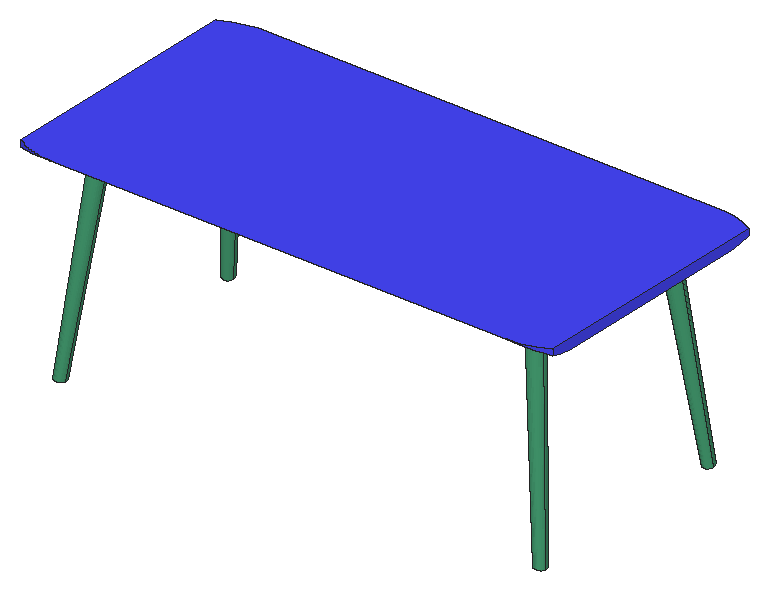
Revit family "78101 - TABLE - WALNUT", category Furniture, Revit 2017
Family settings
  OmniClass Number = 23.40.20.00
  OmniClass Title = General Furniture and Specialties
  Work Plane-Based = No
  Always vertical = Yes
  Cut with Voids When Loaded = No
  Shared = No
  Room Calculation Point = No
Parameters
  URL = "http://www.keilhauer.com/"
  Model = "78101"
  Manufacturer = "Keilhauer"
  Description = "Walnut conference table"
Reference planes
  plane 1 "Center (Front/Back)": y = 0
  plane 2: z = 0
  plane 3 "Center (Left/Right)": x = 0
Forms (mm)
  SweptBlend 1, solid, material "#Legs"
    path origin (1.208, 0.821, 0) x (0, -1, 0) y (0, 0, 1)
      loop
        line (284.375, 696.925) -> (361.88, 4.13)
    profile origin (1.208, -283.554, 696.925) x (0, 0.9938, -0.11118) y (1, 0, 0)
      loop
        circle (-0.841, -748.414) r 30
    end profile origin (1.208, -361.059, 4.13) x (0, 0.9938, -0.11118) y (1, 0, 0)
      loop
        circle (0.109, -825.988) r 19.017
  SweptBlend 2, solid, material "#Legs"
    path origin (1.208, -0.821, 0) x (0, 1, 0) y (0, 0, 1)
      loop
        line (284.375, 696.925) -> (361.88, 4.13)
    profile origin (1.208, 283.554, 696.925) x (0, 0.9938, 0.11118) y (1, 0, 0)
      loop
        circle (0.841, -748.414) r 30
    end profile origin (1.208, 361.059, 4.13) x (0, 0.9938, 0.11118) y (1, 0, 0)
      loop
        circle (-0.109, -825.988) r 19.017
  SweptBlend 3, solid, material "#Legs"
    path origin (-1.208, -0.821, 0) x (0, 1, 0) y (0, 0, -1)
      loop
        line (284.375, -696.925) -> (361.88, -4.13)
    profile origin (-1.208, 283.554, 696.925) x (0, -0.9938, -0.11118) y (-1, 0, 0)
      loop
        circle (-0.841, -748.414) r 30
    end profile origin (-1.208, 361.059, 4.13) x (0, -0.9938, -0.11118) y (-1, 0, 0)
      loop
        circle (0.109, -825.988) r 19.017
  SweptBlend 4, solid, material "#Legs"
    path origin (-1.208, 0.821, 0) x (0, -1, 0) y (0, 0, 1)
      loop
        line (284.375, 696.925) -> (361.88, 4.13)
    profile origin (-1.208, -283.554, 696.925) x (0, -0.9938, 0.11118) y (-1, 0, 0)
      loop
        circle (0.841, -748.414) r 30
    end profile origin (-1.208, -361.059, 4.13) x (0, -0.9938, 0.11118) y (-1, 0, 0)
      loop
        circle (-0.109, -825.988) r 19.017
  Extrusion 5, solid, material "#Top"
    sketch origin (5.768, -0.766, 0) x (0, 1, 0) y (0, 0, 1)
      loop
        line (457.2, 735.025) -> (-456.515, 735.025)
        arc (-456.515, 735.025) -> (-404.589, 709.044) -> (-347.219, 700.1) r 188.481
        line (-347.219, 700.1) -> (347.904, 700.1)
        arc (347.904, 700.1) -> (405.274, 709.044) -> (457.2, 735.025) r 188.481
    from -920.168 to 908.632
  Extrusion 6, void
    sketch origin (-1.863, -1.22, 0) x (1, 0, 0) y (0, 1, 0)
      loop
        line (-914.4, -455.95) -> (-779.843, -455.95)
        arc (-779.843, -455.95) -> (-849.701, -446.369) -> (-914.4, -418.332) r 259.46
        line (-914.4, -418.332) -> (-914.4, -455.95)
    from 672.109 to 763.31
  Extrusion 7, void
    sketch origin (-1.863, 1.22, 0) x (1, 0, 0) y (0, 1, 0)
      loop
        line (-914.4, 455.95) -> (-914.4, 418.332)
        arc (-914.4, 418.332) -> (-849.701, 446.369) -> (-779.843, 455.95) r 259.46
        line (-779.843, 455.95) -> (-914.4, 455.95)
    from 672.109 to 763.31
  Extrusion 8, void
    sketch origin (1.863, 1.22, 0) x (-1, 0, 0) y (0, -1, 0)
      loop
        line (-914.4, -455.95) -> (-779.843, -455.95)
        arc (-779.843, -455.95) -> (-849.701, -446.369) -> (-914.4, -418.332) r 259.46
        line (-914.4, -418.332) -> (-914.4, -455.95)
    from 672.109 to 763.31
  Extrusion 9, void
    sketch origin (1.863, -1.22, 0) x (-1, 0, 0) y (0, -1, 0)
      loop
        line (-914.4, 455.95) -> (-914.4, 418.332)
        arc (-914.4, 418.332) -> (-849.701, 446.369) -> (-779.843, 455.95) r 259.46
        line (-779.843, 455.95) -> (-914.4, 455.95)
    from 672.109 to 763.31
Cuts and joins
  Extrusion 6, Extrusion 7, Extrusion 8, Extrusion 9 cuts Extrusion 5
Dimensions and locks
  aligned and locked: level to plane 2
